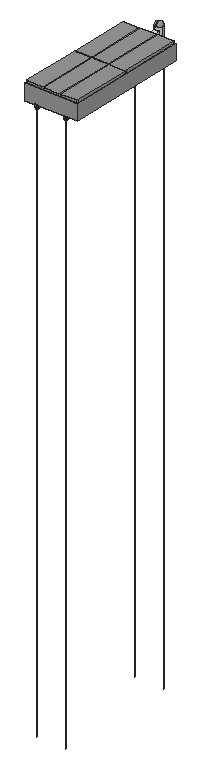
Revit family "62167", category Lighting Fixtures, host Face, Revit 2018
Family settings
  Host = Face
  Round Connector Dimension = Use Diameter
  Part Type = Normal
  OmniClass Number = 23.80.70.00
  OmniClass Title = Lighting
  Cut with Voids When Loaded = No
  Light Source = Yes
  Shared = No
  Room Calculation Point = No
Parameters (values of type "0062167 KUBIXX 4000K 32KLM WIDE SSA N")
  Weight = "n/a"
  Wattage Comments = ""
  Wattage = 9.2903 W
  WarrantyStartDate [instance] = "n/a"
  WarrantyGuarantorParts = "n/a"
  WarrantyDurationUnit = "n/a"
  WarrantyDurationParts = ""
  WarrantyDescription = "http://www.sylvania-lighting.com"
  built-in parameter 1150110 = 1 (stored number, unit not read)
  Voltage = 0 V
  URL = "0"
  TypeName = "KubiXx 4000K 32KLM WIDE SSA N"
  Type Image = <None>
  Type Comments = "n/a"
  built-in parameter 1114217 = 1 (stored number, unit not read)
  Total Length = 732 mm
  Tilt Angle = -90.00°
  built-in parameter 1150109 = 1 (stored number, unit not read)
  built-in parameter 1150134 = 3
  Suspension height = 3000 mm
  built-in parameter 1150113 = 1 (stored number, unit not read)
  SerialNumber [instance] = "n/a"
  Photometric Web File = "0062167.IES"
  Material_3_SYL = none
  PowerFactor = 0
  PowerConsumption = "Lighting"
  NominalLength = 280 mm
  NominalHeight = 94 mm
  NominalDepth = 650 mm
  Name = "KubiXx 4000K 32KLM WIDE SSA N"
  ModelReference = Name  # "KubiXx 4000K 32KLM WIDE SSA N"
  ModelNumber = "0062167"
  Model = Name  # "KubiXx 4000K 32KLM WIDE SSA N"
  Material = "Feilo Sylvania"
  ManufacturerName = "171 lm/W"
  Manufacturer = ""
  LuminousEfficacy = ""
  built-in parameter 1150105 = 109.82 (stored number, unit not read)
  Lumens = 1380 lm
  LuminaireType = "0"
  built-in parameter 1150115 = 1 (stored number, unit not read)
  LightOutputRatio = "LED"
  built-in parameter 1150137 = (empty or 0)
  built-in parameter 1150139 = (empty or 0)
  LampsType = Lamp  # "n/a"
  LampNominalLuminous = "4000 K"
  LampMacAdamStep = "80"
  LampColourTemperature = "LED"
  LampColourRenderingIndex = "16500"
  built-in parameter 1150112 = 1 (stored number, unit not read)
  built-in parameter 1150114 = 1 (stored number, unit not read)
  Lamp = "n/a"
  Keynote = "n/a"
  InstallationDate [instance] = "n/a"
  InputVoltage = "0"
  InputNominalFrequency = "4000"
  built-in parameter 1150132 = (empty or 0)
  built-in parameter 1150102 = (empty or 0)
  built-in parameter 1150107 = 3200 (stored number, unit not read)
  built-in parameter 1150138 = (empty or 0)
  IngressProtection = "IfcLightFixtureType"
  ImpactProtectionIndex = "IfcLightFixtureType"
  built-in parameter 1150106 = 1.0982 (stored number, unit not read)
  IfcExportType = "IfcLightFixtureType"
  IfcExportAs = "Class I"
  Emit from Circle Diameter = 609.6 mm
  Emit Shape Visible in Rendering = no
  ElectricShockClassification = "171"
  built-in parameter 1150104 = 13.8 (stored number, unit not read)
  DocumentationLiterature = "http://www.sylvania-lighting.com/product/en-int/products/0062167"
  DimmingControlOptions = "n/a"
  Material_2_SYL = none
  Dimming Lamp Color Temperature Shift = <None>
  Description = "Logistics and Industry high bay luminaire with wide optics to provide homogenous light distribution for open space areas. 32200lumens, 188W, 171lm/W, 4000K, CRI80, wide beam optic, SylSmart SSA dimmable, 3 step MacAdam ellipse, grey finish (RAL7012), Class 1, 220-240V, IP65, IK06."
  Default Elevation = 1219.2 mm
  CreatedOn = "09/11/2023"
  CreatedBy = "@sylvania-lighting.com"
  Cost = 0
  Color Filter = 16777215
  built-in parameter 1114216 [instance] = (empty or 0)
  ClassificationValue = "EF_70_80"
  ClassificationName = "Uniclass2015"
  Material_1_SYL = none
  BarCode [instance] = "n/a"
  built-in parameter 1114218 = 1 (stored number, unit not read)
  built-in parameter 1150133 = 10 (stored number, unit not read)
  AssetType = "Fixed"
  AssetIdentifier [instance] = "n/a"
  Assembly Code = "D5020200"
  Apparent Load = 188 VA
  Material_4_SYL = none
Reference planes
  plane 1 "Center (Front/Back)": y = 0
  plane 2: z = 0
  plane 3 "Center (Left/Right)": x = 0
  plane 4: x = -140
  plane 5: x = 140
  plane 6: y = 325
  plane 7: y = -325
  plane 8: y = 160
  plane 9: y = -160
  plane 10: x = -93.6
  plane 11: x = -89.2
  plane 12: x = -2.2
  plane 13: x = 2.2
  plane 14: x = 89.2
  plane 15: x = 93.6
  plane 16: x = 77.2
  plane 17: x = -77.2
  plane 18: x = -87.2
  plane 19: x = -67.2
  plane 20: z = -18
  plane 21: y = 162
  plane 22: z = -8
  plane 23: y = -162
  plane 24: z = 3083
  plane 25: z = 3094
  plane 26: y = 163.5
  plane 27: z = 3000
  plane 28: z = 2982
  plane 29: x = 138.6
  plane 30: x = -138.6
  plane 31: x = 134.2
  plane 32: x = -134.2
  plane 33: x = 47.2
  plane 34: x = -47.2
  plane 35: x = 42.795
  plane 36: x = -42.778
  plane 37: y = -320.6
  plane 38: y = 1
  plane 39: y = -1
  plane 40: z = 3094
  plane 41: y = 407
Forms (mm)
  Extrusion 1, solid, material "Aluminum", detail levels medium+fine
    sketch origin (0, 0, 0) x (1, 0, 0) y (0, 1, 0)
      loop
        line (-140, 325) -> (-140, -325) -> (140, -325) -> (140, 325) -> (-140, 325)
    from 3000 to 3083
  Extrusion 2, solid, material "Acetal Resin, White", detail levels medium+fine
    sketch origin (91.4, 160.6, 0) x (1, 0, 0) y (0, 1, 0)
      loop
        arc (-220.89, 160) -> (-224.425, 158.536) -> (-225.89, 155) r 5
        line (-225.89, 155) -> (-225.89, -154.6)
        arc (-225.89, -154.6) -> (-224.425, -158.136) -> (-220.89, -159.6) r 5
        line (-220.89, -159.6) -> (-143.578, -159.6)
        arc (-143.578, -159.6) -> (-140.042, -158.136) -> (-138.578, -154.6) r 5
        line (-138.578, -154.6) -> (-138.578, 155)
        arc (-138.578, 155) -> (-140.042, 158.536) -> (-143.578, 160) r 5
        line (-143.578, 160) -> (-220.89, 160)
    from 3083 to 3094
  Extrusion 3, solid, material "Acetal Resin, White", detail levels medium+fine
    sketch origin (182.8, 160.6, 0) x (1, 0, 0) y (0, 1, 0)
      loop
        arc (-130.605, 160) -> (-134.141, 158.536) -> (-135.605, 155) r 5
        line (-135.605, 155) -> (-135.605, -154.6)
        arc (-135.605, -154.6) -> (-134.141, -158.136) -> (-130.605, -159.6) r 5
        line (-130.605, -159.6) -> (-53.412, -159.6)
        arc (-53.412, -159.6) -> (-49.876, -158.136) -> (-48.412, -154.6) r 5
        line (-48.412, -154.6) -> (-48.412, 155)
        arc (-48.412, 155) -> (-49.876, 158.536) -> (-53.412, 160) r 5
        line (-53.412, 160) -> (-130.605, 160)
    from 3083 to 3094
  Extrusion 4, solid, material "Aluminum", detail levels fine
    sketch origin (0, 0, 2992) x (1, 0, 0) y (0, 0, 1)
      loop
        line (-87.2, 8) -> (-87.2, 0)
        arc (-87.2, 0) -> (-84.271, -7.071) -> (-77.2, -10) r 10
        arc (-77.2, -10) -> (-70.129, -7.071) -> (-67.2, 0) r 10
        line (-67.2, 0) -> (-67.2, 8) -> (-87.2, 8)
    from -325 to -322
  Extrusion 5, void
    sketch origin (0.086, 0, 2990.692) x (1, 0, 0) y (0, 0, 1)
      loop
        circle (-77.2, 0) r 3
    from -350.589 to 380.147
  Extrusion 6, solid, material "Aluminum", detail levels fine
    sketch origin (154.4, 0, 2992) x (1, 0, 0) y (0, 0, 1)
      loop
        line (-87.2, 8) -> (-87.2, 0)
        arc (-87.2, 0) -> (-84.271, -7.071) -> (-77.2, -10) r 10
        arc (-77.2, -10) -> (-70.129, -7.071) -> (-67.2, 0) r 10
        line (-67.2, 0) -> (-67.2, 8) -> (-87.2, 8)
    from -325 to -322
  Extrusion 7, void
    sketch origin (154.475, 0, 2991.254) x (1, 0, 0) y (0, 0, 1)
      loop
        circle (-77.2, 0) r 3
    from -394.188 to 347.516
  Extrusion 8, solid, material "Aluminum", detail levels fine
    sketch origin (0, 0, 2992) x (1, 0, 0) y (0, 0, 1)
      loop
        line (-87.2, 8) -> (-87.2, 0)
        arc (-87.2, 0) -> (-84.271, -7.071) -> (-77.2, -10) r 10
        arc (-77.2, -10) -> (-70.129, -7.071) -> (-67.2, 0) r 10
        line (-67.2, 0) -> (-67.2, 8) -> (-87.2, 8)
    from 325 to 322
  Extrusion 9, solid, material "Aluminum", detail levels fine
    sketch origin (153.445, 0, 2992) x (1, 0, 0) y (0, 0, 1)
      loop
        line (-86.235, 8) -> (-86.235, 0.111)
        arc (-86.235, 0.111) -> (-83.306, -6.96) -> (-76.235, -9.889) r 10
        arc (-76.235, -9.889) -> (-69.163, -6.96) -> (-66.235, 0.111) r 10
        line (-66.235, 0.111) -> (-66.235, 8) -> (-86.235, 8)
    from 325 to 322
  Extrusion 10, solid, material "Stainless Steel"
    sketch origin (-0.029, 159.919, 0) x (1, 0, 0) y (0, 1, 0)
      loop
        circle (-77.2, 163.5) r 1
    from 0 to 3000
  Extrusion 11, solid, material "Stainless Steel"
    sketch origin (154.4, 159.993, 0) x (1, 0, 0) y (0, 1, 0)
      loop
        circle (-77.2, 163.5) r 1
    from 0 to 3000
  Extrusion 12, solid, material "Stainless Steel"
    sketch origin (0, -327, 0) x (1, 0, 0) y (0, 1, 0)
      loop
        circle (-77.2, 3.5) r 1
    from 0 to 3000
  Extrusion 13, solid, material "Stainless Steel"
    sketch origin (154.386, -327.05, 0) x (1, 0, 0) y (0, 1, 0)
      loop
        circle (-77.2, 3.5) r 1
    from 0 to 3000
  Extrusion 14, solid, detail levels coarse
    sketch origin (0, 0, 0) x (1, 0, 0) y (0, 0, 1)
      loop
        line (-140, 3097.667) -> (-140, 0) -> (140, 0) -> (140, 3097.667) -> (-140, 3097.667)
    from -407 to 325
  Extrusion 15, solid, material "Acetal Resin, White", detail levels medium+fine
    sketch origin (181.395, 160.6, 0) x (1, 0, 0) y (0, 1, 0)
      loop
        arc (-219.21, 160) -> (-222.746, 158.536) -> (-224.21, 155) r 5
        line (-224.21, 155) -> (-224.21, -154.6)
        arc (-224.21, -154.6) -> (-222.746, -158.136) -> (-219.21, -159.6) r 5
        line (-219.21, -159.6) -> (-143.578, -159.6)
        arc (-143.578, -159.6) -> (-140.042, -158.136) -> (-138.578, -154.6) r 5
        line (-138.578, -154.6) -> (-138.578, 155)
        arc (-138.578, 155) -> (-140.042, 158.536) -> (-143.578, 160) r 5
        line (-143.578, 160) -> (-219.21, 160)
    from 3083 to 3094
  Extrusion 16, solid, material "Acetal Resin, White", detail levels medium+fine
    sketch origin (91.4, -160.6, 0) x (1, 0, 0) y (0, 1, 0)
      loop
        arc (-220.89, 159.6) -> (-224.425, 158.136) -> (-225.89, 154.6) r 5
        line (-225.89, 154.6) -> (-225.89, -155)
        arc (-225.89, -155) -> (-224.425, -158.536) -> (-220.89, -160) r 5
        line (-220.89, -160) -> (-143.578, -160)
        arc (-143.578, -160) -> (-140.042, -158.536) -> (-138.578, -155) r 5
        line (-138.578, -155) -> (-138.578, 154.6)
        arc (-138.578, 154.6) -> (-140.042, 158.136) -> (-143.578, 159.6) r 5
        line (-143.578, 159.6) -> (-220.89, 159.6)
    from 3083 to 3094
  Extrusion 17, solid, material "Acetal Resin, White", detail levels medium+fine
    sketch origin (182.8, -160.6, 0) x (1, 0, 0) y (0, 1, 0)
      loop
        arc (-130.605, 159.6) -> (-134.141, 158.136) -> (-135.605, 154.6) r 5
        line (-135.605, 154.6) -> (-135.605, -155)
        arc (-135.605, -155) -> (-134.141, -158.536) -> (-130.605, -160) r 5
        line (-130.605, -160) -> (-53.412, -160)
        arc (-53.412, -160) -> (-49.876, -158.536) -> (-48.412, -155) r 5
        line (-48.412, -155) -> (-48.412, 154.6)
        arc (-48.412, 154.6) -> (-49.876, 158.136) -> (-53.412, 159.6) r 5
        line (-53.412, 159.6) -> (-130.605, 159.6)
    from 3083 to 3094
  Extrusion 18, solid, material "Acetal Resin, White", detail levels medium+fine
    sketch origin (181.395, -160.6, 0) x (1, 0, 0) y (0, 1, 0)
      loop
        arc (-219.21, 159.6) -> (-222.746, 158.136) -> (-224.21, 154.6) r 5
        line (-224.21, 154.6) -> (-224.21, -155)
        arc (-224.21, -155) -> (-222.746, -158.536) -> (-219.21, -160) r 5
        line (-219.21, -160) -> (-143.578, -160)
        arc (-143.578, -160) -> (-140.042, -158.536) -> (-138.578, -155) r 5
        line (-138.578, -155) -> (-138.578, 154.6)
        arc (-138.578, 154.6) -> (-140.042, 158.136) -> (-143.578, 159.6) r 5
        line (-143.578, 159.6) -> (-219.21, 159.6)
    from 3083 to 3094
  Blend 19, solid
    base sketch origin (0, 160.036, -0.067) x (1, 0, 0) y (0, 1, 0)
      loop
        circle (0, 228) r 19
    top sketch origin (0, 160.036, -0.067) x (1, 0, 0) y (0, 1, 0)
      loop
        circle (0, 228) r 19
    from 3039 to 3094
  Revolve 20, solid, material "Acetal Resin, White"
    sketch origin (-0.021, 1684.036, 1219.17) x (0, 1, 0) y (0, 0, 1)
      loop
        line (-1296, 1874.8) -> (-1277, 1874.8)
        arc (-1277, 1874.8) -> (-1282.5, 1888.6) -> (-1296, 1894.8) r 20
        line (-1296, 1894.8) -> (-1296, 1874.8)
      axis (-1296, 1894.8) -> (-1296, 1874.8)
    angle from 179.389 to 539.028
  Extrusion 21, solid
    sketch origin (0, 160.036, -0.067) x (1, 0, 0) y (0, 1, 0)
      loop
        line (-13.5, 214.609) -> (-13.5, 165) -> (13.5, 165) -> (13.5, 214.609) -> (-13.5, 214.609)
    from 3039 to 3083
  Extrusion 22, void
    sketch origin (319, 1684.036, 1219.133) x (0, 1, 0) y (0, 0, 1)
      loop
        line (-1309.391, 1863.8) -> (-1359, 1863.8) -> (-1359, 1843.8) -> (-1333.226, 1843.8) -> (-1309.391, 1863.8)
    from -343.775 to -294
  Blend 23, solid, not visible
    base sketch origin (0, 0, 0) x (1, 0, 0) y (0, 1, 0)
      loop
        circle (0, 228) r 19
    top sketch origin (0, 0, 0) x (1, 0, 0) y (0, 1, 0)
      loop
        circle (0, 228) r 19
    from 3039 to 3094
  Revolve 24, solid, material "Acetal Resin, White", not visible
    sketch origin (-0.021, 1524, 1219.237) x (0, 1, 0) y (0, 0, 1)
      loop
        line (-1296, 1874.8) -> (-1277, 1874.8)
        arc (-1277, 1874.8) -> (-1282.5, 1888.6) -> (-1296, 1894.8) r 20
        line (-1296, 1894.8) -> (-1296, 1874.8)
      axis (-1296, 1894.8) -> (-1296, 1874.8)
    angle from 179.389 to 539.028
  Extrusion 25, solid, not visible
    sketch origin (0, 0, 0) x (1, 0, 0) y (0, 1, 0)
      loop
        line (-13.5, 214.609) -> (-13.5, 165) -> (13.5, 165) -> (13.5, 214.609) -> (-13.5, 214.609)
    from 3039 to 3083
  Extrusion 26, void, not visible
    sketch origin (319, 1524, 1219.2) x (0, 1, 0) y (0, 0, 1)
      loop
        line (-1309.391, 1863.8) -> (-1359, 1863.8) -> (-1359, 1843.8) -> (-1333.226, 1843.8) -> (-1309.391, 1863.8)
    from -343.775 to -294
Cuts and joins
  Extrusion 5 cuts Extrusion 4
  Extrusion 5 cuts Extrusion 8
  Extrusion 7 cuts Extrusion 6
  Extrusion 7 cuts Extrusion 9
  Extrusion 22 cuts Extrusion 21
Dimensions and locks
  "NominalLength": plane 4 to plane 5
  equal spacing: plane 4, plane 3 "Center (Left/Right)", plane 5
  "NominalDepth": plane 6 to plane 7
  equal spacing: plane 6, plane 1 "Center (Front/Back)", plane 7
  Extrusion 3 to plane 3 "Center (Left/Right)" = 47.195 mm
  plane 3 "Center (Left/Right)" to Extrusion 2 = 134.49 mm
  "Suspension height": level to plane 27
  plane 25 to plane 24 = 11 mm
  "NominalHeight": plane 27 to plane 25
  plane 14 to Extrusion 6 = 22 mm
  "Total Length": plane 41 to plane 7
  aligned and locked: plane 2 to host face
  aligned and locked: level to host face
Automatic sketch dimensions
  host sketch curve to host sketch curve = 2438.4 mm  (x2)
  Extrusion 1 sketch curve to plane 4 = 0 mm
  Extrusion 1 sketch curve to plane 5 = 0 mm
  Extrusion 1 sketch curve to plane 7 = 0 mm
  Extrusion 1 sketch curve to plane 6 = 0 mm
  plane 32 to Extrusion 2 sketch curve = 0.29 mm
  Extrusion 2 sketch curve to plane 1 "Center (Front/Back)" = 1 mm
  Extrusion 2 sketch curve to plane 32 = 4.71 mm  (x2)
  plane 34 to Extrusion 2 sketch curve = 4.978 mm  (x2)
  Extrusion 2 sketch curve to plane 34 = 0.022 mm
  plane 33 to Extrusion 3 sketch curve = 0.005 mm
  Extrusion 3 sketch curve to plane 1 "Center (Front/Back)" = 1 mm
  Extrusion 3 sketch curve to plane 33 = 4.995 mm  (x2)
  plane 31 to Extrusion 3 sketch curve = 4.812 mm  (x2)
  Extrusion 3 sketch curve to plane 31 = 0.188 mm
  Extrusion 4 sketch curve to Extrusion 4 sketch curve = 0 mm  (x2)
  Extrusion 4 sketch curve to plane 18 = 0 mm
  Extrusion 4 sketch curve to plane 17 = 0 mm
  Extrusion 4 sketch curve to plane 28 = 0 mm
  Extrusion 4 sketch curve to plane 27 = 0 mm
  plane 17 to Extrusion 5 sketch curve = 0.086 mm
  plane 28 to Extrusion 5 sketch curve = 8.692 mm
  Extrusion 6 sketch curve to Extrusion 6 sketch curve = 0 mm  (x2)
  Extrusion 6 sketch curve to plane 27 = 0 mm
  Extrusion 6 sketch curve to plane 16 = 0 mm
  Extrusion 6 sketch curve to plane 28 = 0 mm
  Extrusion 6 sketch curve to plane 16 = 10 mm
  plane 16 to Extrusion 7 sketch curve = 0.075 mm
  Extrusion 7 sketch curve to plane 27 = 8.746 mm
  Extrusion 8 sketch curve to Extrusion 8 sketch curve = 0 mm  (x2)
  Extrusion 8 sketch curve to plane 18 = 0 mm
  Extrusion 8 sketch curve to plane 17 = 0 mm
  Extrusion 8 sketch curve to plane 28 = 0 mm
  Extrusion 8 sketch curve to plane 27 = 0 mm
  Extrusion 9 sketch curve to Extrusion 9 sketch curve = 0 mm  (x2)
  Extrusion 9 sketch curve to plane 27 = 0 mm
  Extrusion 9 sketch curve to plane 16 = 9.989 mm
  plane 16 to Extrusion 9 sketch curve = 0.011 mm
  Extrusion 9 sketch curve to Extrusion 9 sketch curve = 7.889 mm
  Extrusion 10 sketch curve to plane 17 = 0.029 mm
  Extrusion 10 sketch curve to plane 6 = 1.581 mm
  Extrusion 11 sketch curve to plane 16 = 0 mm
  Extrusion 11 sketch curve to plane 6 = 1.507 mm
  Extrusion 12 sketch curve to plane 17 = 0 mm
  plane 7 to Extrusion 12 sketch curve = 1.5 mm
  Extrusion 13 sketch curve to plane 16 = 0.014 mm
  plane 7 to Extrusion 13 sketch curve = 1.45 mm
  Extrusion 14 sketch curve to level = 0 mm
  Extrusion 14 sketch curve to plane 4 = 0 mm
  Extrusion 14 sketch curve to plane 5 = 0 mm
  plane 25 to Extrusion 14 sketch curve = 3.667 mm
  plane 36 to Extrusion 15 sketch curve = 0.038 mm
  Extrusion 15 sketch curve to plane 1 "Center (Front/Back)" = 1 mm
  Extrusion 15 sketch curve to plane 36 = 4.962 mm  (x2)
  plane 35 to Extrusion 15 sketch curve = 4.978 mm  (x2)
  Extrusion 15 sketch curve to plane 35 = 0.022 mm
  Extrusion 16 sketch curve to plane 37 = 0 mm
  plane 32 to Extrusion 16 sketch curve = 0.29 mm
  Extrusion 16 sketch curve to plane 32 = 4.71 mm  (x2)
  plane 1 "Center (Front/Back)" to Extrusion 16 sketch curve = 1 mm
  plane 34 to Extrusion 16 sketch curve = 4.978 mm  (x2)
  Extrusion 16 sketch curve to plane 34 = 0.022 mm
  Extrusion 17 sketch curve to plane 37 = 0 mm
  plane 33 to Extrusion 17 sketch curve = 0.005 mm
  Extrusion 17 sketch curve to plane 33 = 4.995 mm  (x2)
  plane 1 "Center (Front/Back)" to Extrusion 17 sketch curve = 1 mm
  plane 31 to Extrusion 17 sketch curve = 4.812 mm  (x2)
  Extrusion 17 sketch curve to plane 31 = 0.188 mm
  Extrusion 18 sketch curve to plane 37 = 0 mm
  plane 36 to Extrusion 18 sketch curve = 0.038 mm
  Extrusion 18 sketch curve to plane 36 = 4.962 mm  (x2)
  plane 1 "Center (Front/Back)" to Extrusion 18 sketch curve = 1 mm
  plane 35 to Extrusion 18 sketch curve = 4.978 mm  (x2)
  Extrusion 18 sketch curve to plane 35 = 0.022 mm
  Extrusion 2 sketch curve to plane 6 = 9.4 mm
  Extrusion 3 sketch curve to plane 6 = 9.4 mm
  Extrusion 15 sketch curve to plane 6 = 9.4 mm
  Revolve 20 sketch curve to Revolve 20 sketch curve = 1 mm
  Revolve 20 sketch curve to Revolve 20 sketch curve = 19 mm
  Revolve 20 sketch curve to Revolve 20 sketch curve = 0.025 mm
  Revolve 20 sketch curve to Revolve 20 sketch curve = 0 mm
  Revolve 20 sketch curve to Revolve 20 sketch curve = 8.022 mm
  Revolve 20 sketch curve to Revolve 20 sketch curve = 11.978 mm
  Extrusion 21 sketch curve to Extrusion 21 sketch curve = 27 mm
  Extrusion 21 sketch curve to Extrusion 21 sketch curve = 49.609 mm
  Extrusion 22 sketch curve to Extrusion 22 sketch curve = 25.774 mm
  Extrusion 22 sketch curve to Extrusion 22 sketch curve = 23.835 mm
  Extrusion 22 sketch curve to Extrusion 22 sketch curve = 20 mm
  Revolve 24 sketch curve to Revolve 24 sketch curve = 1 mm
  Revolve 24 sketch curve to Revolve 24 sketch curve = 19 mm
  Revolve 24 sketch curve to Revolve 24 sketch curve = 0.025 mm
  Revolve 24 sketch curve to Revolve 24 sketch curve = 0 mm
  Revolve 24 sketch curve to Revolve 24 sketch curve = 8.022 mm
  Revolve 24 sketch curve to Revolve 24 sketch curve = 11.978 mm
  Extrusion 25 sketch curve to Extrusion 25 sketch curve = 27 mm
  Extrusion 25 sketch curve to Extrusion 25 sketch curve = 49.609 mm
  Extrusion 26 sketch curve to Extrusion 26 sketch curve = 25.774 mm
  Extrusion 26 sketch curve to Extrusion 26 sketch curve = 23.835 mm
  Extrusion 26 sketch curve to Extrusion 26 sketch curve = 20 mm
  Blend 19 sketch curve to plane 3 "Center (Left/Right)" = 0 mm  (x2)
  Blend 19 sketch curve to plane 41 = 18.964 mm  (x2)
  Revolve 20 sketch curve to plane 25 = 0.005 mm
  Revolve 20 sketch curve to plane 41 = 19.964 mm
  plane 6 to Extrusion 21 sketch curve = 0.036 mm
  Extrusion 21 sketch curve to plane 12 = 11.3 mm
  plane 6 to Extrusion 22 sketch curve = 0.036 mm
  Extrusion 22 sketch curve to plane 24 = 20.067 mm
  radius of Extrusion 5 sketch curve = 3 mm
  radius of Extrusion 7 sketch curve = 3 mm
  radius of Extrusion 10 sketch curve = 1 mm
  radius of Extrusion 11 sketch curve = 1 mm
  radius of Extrusion 12 sketch curve = 1 mm
  radius of Extrusion 13 sketch curve = 1 mm
  radius of Blend 19 sketch curve = 19 mm  (x2)
  radius of Blend 23 sketch curve = 19 mm  (x2)
Connectors
  electrical at (0, 0, 3000)
    settings: on Extrusion 1, index 1, voltage 0 V, apparent load 0 VA, apparent load phase1 0 VA, apparent load phase2 0 VA, apparent load phase3 0 VA, power factor 1, load classification "Other", number of poles 1, system type 31, power factor state 1, is connector primary yes, connector utility no, sub classification motor no, connector description ""
